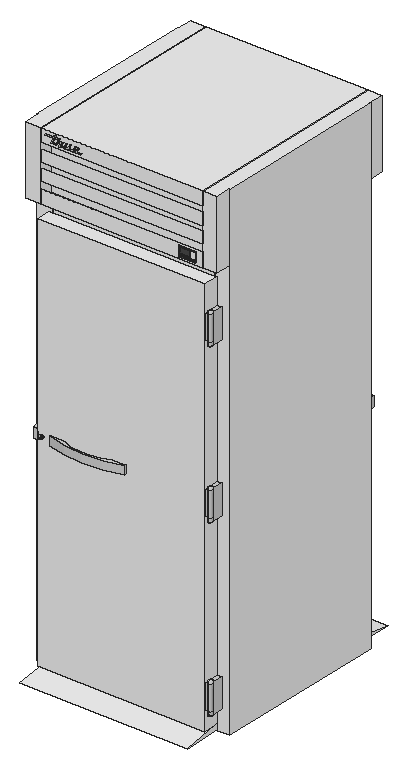
Revit family
Parameters
  Weight in Pounds = 0
  Watts = 2000 W
  Volts = 115 V
  URL Cutsheet = "www.truemfg.com"
  URL = "www.truemfg.com"
  Type Mark [instance] = ""
  Type Comments = ""
  Status [instance] = ""
  Specification by User [instance] = ""
  Specification by Manufacturer = ""
  Show Logo [instance] = yes
  Show Clearance [instance] = yes
  Serial Number = ""
  Seismic Rating = ""
  SMACNA No = ""
  Revision Code [instance] = ""
  Phase = 1
  Omniclass Number and Title = ""
  Number of Poles [instance] = 1
  NAFEM Spec ID Number = ""
  Model = "STR1HRT89-1S-1S"
  Min Ckt Ampacity = 0 A
  Max Overcurrent Protection = 0 A
  Masterspec = ""
  Manufacturer = "TRUE FOOD SERVICE EQUIPMENT, INC."
  Length = 35"
  Item Number [instance] = ""
  Installed By [instance] = ""
  Identify Quantity as Lot [instance] = yes
  Height = 88 3/4"
  HP = ""
  Furnished By [instance] = ""
  Foodservice Equipment Identifier [instance] = yes
  FL Amps = Watts / Volts  # 17.3913 A
  Electrical Remarks [instance] = ""
  Electric Connection Type [instance] = ""
  Elec Conn RI Height [instance] = 0"
  Elec Conn Connection Height [instance] = 0"
  Description = "Roll-thru Solid Swing Door Heated Cabinet"
  Depth = 37 1/2"
  Cycle = 60 Hz
  Conn Plug = "14-20P"
  Conn Conduit = yes
  CSI MasterFormat = ""
  CSI Master Format = ""
  Apparent Power = if(Phase = 3, Volts * FL Amps * 1.73, Volts * FL Amps)  # 2000 VA
Reference planes (in)
  plane 1 "BACK": y = 0
  plane 2: z = 0
  plane 3 "LEFT": x = 0
  plane 4 "RIGHT": x = 35
  plane 5 "FRONT": y = -37.5
  plane 6 "TOP": z = 88.75
  plane 7: x = 2.84375
  plane 8: y = -37.4542
  plane 9: x = 32.15625
  plane 10: y = -0.0458
  plane 11: y = -18.75
  plane 12: z = 73.75
Forms (in)
  Extrusion 1, solid, material "QF_Finishes_Chrome - Satin"
    sketch origin (0.05, 0, 0) x (1, 0, 0) y (0, 1, 0)
      loop
        line (-0.05, -2.75) -> (-0.05, -34.75) -> (2.87859, -34.75) -> (2.87859, -2.75) -> (-0.05, -2.75)
    from 0 to 88.75
  Extrusion 2, solid, material "QF_Finishes_Chrome - Satin"
    sketch origin (50.15, 0, 0) x (1, 0, 0) y (0, 1, 0)
      loop
        line (-17.85, -2.75) -> (-17.85, -34.75) -> (-15.15, -34.75) -> (-15.15, -2.75) -> (-17.85, -2.75)
    from 0 to 88.75
  Extrusion 3, solid, material "QF_Finishes_Chrome - Satin"
    sketch origin (0, 0, 0) x (0, 1, 0) y (0, 0, 1)
      loop
        line (-37.4542, 76.28125) -> (-34.75, 76.28125) -> (-34.75, 0) -> (-2.75, 0) -> (-2.75, 76.28125) -> (-0.0458, 76.28125) -> (-0.0458, 78.81726) -> (-2.25, 77.25) -> (-2.25, 78.52557) -> (-0.0458, 80.09284) -> (-0.0458, 82.18904) -> (-2.25, 80.62178) -> (-2.25, 81.58254) -> (-0.0458, 83.1498) -> (-0.0458, 85.28351) -> (-2.25, 83.71625) -> (-2.25, 84.83852) -> (-0.0458, 86.40578) -> (-0.0458, 88.75) -> (-37.4542, 88.75) -> (-37.4542, 86.40578) -> (-35.25, 84.83852) -> (-35.25, 83.71625) -> (-37.4542, 85.28351) -> (-37.4542, 83.1498) -> (-35.25, 81.58254) -> (-35.25, 80.62178) -> (-37.4542, 82.18904) -> (-37.4542, 80.09284) -> (-35.25, 78.52557) -> (-35.25, 77.25) -> (-37.4542, 78.81726) -> (-37.4542, 76.28125)
    from 2.92859 to 32.3
  Extrusion 4, solid, material "QF_Finishes_Chrome - Satin"
    sketch origin (0, 0, 0) x (1, 0, 0) y (0, 1, 0)
      loop
        line (34.84782, -34.75) -> (32.3, -34.75) -> (32.3, -37.5) -> (34.84782, -37.5) -> (34.84782, -34.75)
      loop
        line (34.84782, -2.75) -> (34.84782, 0) -> (32.3, 0) -> (32.3, -2.75) -> (34.84782, -2.75)
    from 76.28125 to 88.75
  Extrusion 5, solid, material "QF_Finishes_Chrome - Satin"
    sketch origin (-50.125, 0, 0.25) x (1, 0, 0) y (0, 1, 0)
      loop
        line (53.05359, -34.75) -> (50.24109, -34.75) -> (50.24109, -37.5) -> (53.05359, -37.5) -> (53.05359, -34.75)
      loop
        line (53.05359, -2.75) -> (53.05359, 0) -> (50.24109, 0) -> (50.24109, -2.75) -> (53.05359, -2.75)
    from 76.03125 to 88.5
  Extrusion 6, solid, material "QF_Finishes_Chrome - Satin"
    sketch origin (-24.96875, -3.75, -0.71875) x (1, 0, 0) y (0, 0, 1)
      loop
        line (27.25, 1.71875) -> (57.65625, 1.71875) -> (57.65625, 74.46875) -> (27.25, 74.46875) -> (27.25, 1.71875)
    from 31 to 33.75
  Extrusion 7, solid, material "QF_Finishes_Handrails and Railings"
    sketch origin (58.625, -0.25, 26.93519) x (1, 0, 0) y (0, 1, 0)
      loop
        line (-53.875, -37.25) -> (-53.875, -37.45)
        arc (-53.875, -37.45) -> (-47.075, -38.65633) -> (-40.275, -37.45) r 19.7687
        line (-40.275, -37.45) -> (-40.275, -37.25) -> (-42.675, -37.25)
        arc (-42.675, -37.25) -> (-47.075, -38.40816) -> (-51.475, -37.25) r 8.93713
        line (-51.475, -37.25) -> (-53.875, -37.25)
    from 10.87731 to 12.37731
  Extrusion 8, solid, material "QF_Finishes_Handrails and Railings"
    sketch origin (-23.375, -3.83467, -1.5) x (1, 0, 0) y (0, 0, 1)
      loop
        circle (26.4375, 40.0625) r 0.35
      loop
        line (26.47265, 40.33635) -> (26.41715, 40.33635) -> (26.41715, 39.76895) -> (26.47265, 39.76895) -> (26.47265, 40.33635)
    from 33.5 to 33.83066
  Extrusion 9, solid, material "QF_Finishes_Handrails and Railings", visible <- "Show Logo"
    sketch origin (0.33478, -2.68623, 5.01857) x (1, 0, 0) y (0, 0, 1)
      loop
        line (3.46044, 83.08731) -> (3.35478, 82.86073) -> (4.76027, 82.86073)
        arc (4.76027, 82.86073) -> (4.78879, 82.81028) -> (4.76027, 82.75984) r 0.05887
        line (4.76027, 82.75984) -> (4.39369, 81.97372)
        arc (4.39369, 81.97372) -> (4.39051, 81.90091) -> (4.43975, 81.84717) r 0.09523
        line (4.43975, 81.84717) -> (5.33844, 81.84717)
        arc (5.33844, 81.84717) -> (5.45192, 81.88295) -> (5.52436, 81.97735) r 0.19785
        line (5.52436, 81.97735) -> (5.81285, 82.59601) -> (6.0779, 82.59601)
        arc (6.0779, 82.59601) -> (6.14744, 82.57043) -> (6.13737, 82.49703) r 0.05911
        line (6.13737, 82.49703) -> (5.89598, 81.97937)
        arc (5.89598, 81.97937) -> (5.89974, 81.8934) -> (5.97231, 81.84717) r 0.09318
        line (5.97231, 81.84717) -> (6.76198, 81.84717)
        arc (6.76198, 81.84717) -> (6.82249, 81.86919) -> (6.85468, 81.92495) r 0.09412
        arc (6.85468, 81.92495) -> (6.87746, 81.86995) -> (6.93246, 81.84717) r 0.07778
        line (6.93246, 81.84717) -> (7.43246, 81.84717)
        arc (7.43246, 81.84717) -> (7.49022, 81.86265) -> (7.53251, 81.90493) r 0.11552
        arc (7.53251, 81.90493) -> (7.55275, 81.85606) -> (7.60162, 81.83581) r 0.06912
        line (7.60162, 81.83581) -> (8.31225, 81.83581)
        arc (8.31225, 81.83581) -> (8.37034, 81.85988) -> (8.39441, 81.91797) r 0.08216
        arc (8.39441, 81.91797) -> (8.44767, 81.86472) -> (8.52042, 81.84522) r 0.14551
        line (8.52042, 81.84522) -> (9.85158, 81.84522) -> (9.99946, 82.10134) -> (8.65678, 82.10134)
        arc (8.65678, 82.10134) -> (8.61972, 82.12704) -> (8.61834, 82.17211) r 0.05009
        line (8.61834, 82.17211) -> (8.64157, 82.22192)
        arc (8.64157, 82.22192) -> (8.67723, 82.26864) -> (8.73327, 82.28635) r 0.09747
        line (8.73327, 82.28635) -> (9.16485, 82.28635)
        arc (9.16485, 82.28635) -> (9.258, 82.31131) -> (9.32619, 82.3795) r 0.1863
        line (9.32619, 82.3795) -> (9.45119, 82.59601)
        arc (9.45119, 82.59601) -> (9.45119, 82.71157) -> (9.35111, 82.76934) r 0.11556
        line (9.35111, 82.76934) -> (8.89562, 82.76934)
        arc (8.89562, 82.76934) -> (8.7795, 82.74962) -> (8.69849, 82.66412) r 0.18605
        line (8.69849, 82.66412) -> (8.48204, 82.19993)
        arc (8.48204, 82.19993) -> (8.41815, 82.11667) -> (8.31806, 82.08511) r 0.1745
        line (8.31806, 82.08511) -> (7.84559, 82.08511)
        arc (7.84559, 82.08511) -> (7.78903, 82.14684) -> (7.79268, 82.23048) r 0.10939
        line (7.79268, 82.23048) -> (8.04395, 82.76934) -> (7.88403, 82.76934) -> (7.61781, 82.19844)
        arc (7.61781, 82.19844) -> (7.56609, 82.13103) -> (7.48505, 82.10548) r 0.14128
        line (7.48505, 82.10548) -> (7.15925, 82.10548)
        arc (7.15925, 82.10548) -> (7.10419, 82.17723) -> (7.116, 82.26689) r 0.11816
        line (7.116, 82.26689) -> (7.3503, 82.76934) -> (7.18514, 82.76934) -> (6.91546, 82.191)
        arc (6.91546, 82.191) -> (6.85285, 82.12839) -> (6.76733, 82.10548) r 0.17104
        line (6.76733, 82.10548) -> (6.29555, 82.10548)
        arc (6.29555, 82.10548) -> (6.21082, 82.14499) -> (6.20267, 82.23813) r 0.0935
        line (6.20267, 82.23813) -> (6.35774, 82.57069) -> (6.57695, 82.57069)
        arc (6.57695, 82.57069) -> (6.61395, 82.68217) -> (6.69267, 82.76934) r 0.2857
        line (6.69267, 82.76934) -> (5.83605, 82.76934)
        arc (5.83605, 82.76934) -> (5.74086, 82.74824) -> (5.67498, 82.67635) r 0.16212
        line (5.67498, 82.67635) -> (5.44279, 82.17841)
        arc (5.44279, 82.17841) -> (5.3894, 82.12502) -> (5.31647, 82.10548) r 0.14586
        line (5.31647, 82.10548) -> (4.80506, 82.10548)
        arc (4.80506, 82.10548) -> (4.76514, 82.15942) -> (4.77274, 82.22609) r 0.09155
        line (4.77274, 82.22609) -> (5.11018, 82.86073) -> (5.96155, 82.86073) -> (6.06721, 83.08731) -> (5.21584, 83.08731) -> (5.32149, 83.31388) -> (5.01862, 83.31388) -> (4.91297, 83.08731) -> (3.46044, 83.08731)
      loop
        arc (8.83805, 82.56363) -> (8.80119, 82.55375) -> (8.7742, 82.52676) r 0.07373
        line (8.7742, 82.52676) -> (8.75229, 82.45936)
        arc (8.75229, 82.45936) -> (8.76245, 82.43483) -> (8.78699, 82.42466) r 0.0347
        line (8.78699, 82.42466) -> (9.15948, 82.42466)
        arc (9.15948, 82.42466) -> (9.18632, 82.43061) -> (9.20812, 82.44734) r 0.0635
        line (9.20812, 82.44734) -> (9.22624, 82.53122)
        arc (9.22624, 82.53122) -> (9.22091, 82.55368) -> (9.20009, 82.56363) r 0.02676
        line (9.20009, 82.56363) -> (8.83805, 82.56363)
    from 34.76797 to 34.83173
  Extrusion 10, solid, material "QF_Finishes_White"
    sketch origin (-22.74812, -2.7042, -7.94372) x (1, 0, 0) y (0, 0, 1)
      loop
        line (50.81732, 86.35727) -> (50.81732, 84.60996) -> (53.72357, 84.60996) -> (53.72357, 86.35727) -> (50.81732, 86.35727)
    from 34.75 to 34.76797
  Extrusion 11, solid, material "QF_Finishes_Black"
    sketch origin (-22.74812, -2.7042, -7.94372) x (1, 0, 0) y (0, 0, 1)
      loop
        line (53.78607, 86.41977) -> (50.75482, 86.41977) -> (50.75482, 84.54746) -> (53.78607, 84.54746) -> (53.78607, 86.41977)
      loop
        spline (50.95482, 84.87872) -> (50.96333, 84.86254) -> (50.98831, 84.84747) -> (51.02804, 84.83452) -> (51.07982, 84.82459) -> (51.14011, 84.81835) -> (51.20482, 84.81622) -> (51.26952, 84.81835) -> (51.32982, 84.82459) -> (51.38159, 84.83452) -> (51.42132, 84.84747) -> (51.4463, 84.86254) -> (51.45482, 84.87872)
        spline (51.45482, 84.87872) -> (51.4463, 84.89489) -> (51.42132, 84.90997) -> (51.38159, 84.92291) -> (51.32982, 84.93284) -> (51.26952, 84.93909) -> (51.20482, 84.94122) -> (51.14011, 84.93909) -> (51.07982, 84.93284) -> (51.02804, 84.92291) -> (50.98831, 84.90997) -> (50.96333, 84.89489) -> (50.95482, 84.87872)
      loop
        spline (51.65083, 84.87872) -> (51.65935, 84.86254) -> (51.68432, 84.84747) -> (51.72405, 84.83452) -> (51.77583, 84.82459) -> (51.83612, 84.81835) -> (51.90083, 84.81622) -> (51.96553, 84.81835) -> (52.02583, 84.82459) -> (52.07761, 84.83452) -> (52.11734, 84.84747) -> (52.14231, 84.86254) -> (52.15083, 84.87872)
        spline (52.15083, 84.87872) -> (52.14231, 84.89489) -> (52.11734, 84.90997) -> (52.07761, 84.92291) -> (52.02583, 84.93284) -> (51.96553, 84.93909) -> (51.90083, 84.94122) -> (51.83612, 84.93909) -> (51.77583, 84.93284) -> (51.72405, 84.92291) -> (51.68432, 84.90997) -> (51.65935, 84.89489) -> (51.65083, 84.87872)
      loop
        spline (52.40083, 84.87872) -> (52.40935, 84.86254) -> (52.43432, 84.84747) -> (52.47405, 84.83452) -> (52.52583, 84.82459) -> (52.58612, 84.81835) -> (52.65083, 84.81622) -> (52.71553, 84.81835) -> (52.77583, 84.82459) -> (52.82761, 84.83452) -> (52.86734, 84.84747) -> (52.89231, 84.86254) -> (52.90083, 84.87872)
        spline (52.90083, 84.87872) -> (52.89231, 84.89489) -> (52.86734, 84.90997) -> (52.82761, 84.92291) -> (52.77583, 84.93284) -> (52.71553, 84.93909) -> (52.65083, 84.94122) -> (52.58612, 84.93909) -> (52.52583, 84.93284) -> (52.47405, 84.92291) -> (52.43432, 84.90997) -> (52.40935, 84.89489) -> (52.40083, 84.87872)
      loop
        line (50.95481, 86.21978) -> (50.95481, 85.21978) -> (52.65433, 85.21978) -> (52.65433, 86.21978) -> (50.95481, 86.21978)
      loop
        line (53.72357, 86.35727) -> (50.81732, 86.35727) -> (50.81732, 84.60996) -> (53.72357, 84.60996) -> (53.72357, 86.35727)
      loop
        spline (53.15083, 84.87872) -> (53.15935, 84.86254) -> (53.18432, 84.84747) -> (53.22405, 84.83452) -> (53.27583, 84.82459) -> (53.33612, 84.81835) -> (53.40083, 84.81622) -> (53.46553, 84.81835) -> (53.52583, 84.82459) -> (53.57761, 84.83452) -> (53.61734, 84.84747) -> (53.64231, 84.86254) -> (53.65083, 84.87872)
        spline (53.65083, 84.87872) -> (53.64231, 84.89489) -> (53.61734, 84.90997) -> (53.57761, 84.92291) -> (53.52583, 84.93284) -> (53.46553, 84.93909) -> (53.40083, 84.94122) -> (53.33612, 84.93909) -> (53.27583, 84.93284) -> (53.22405, 84.92291) -> (53.18432, 84.90997) -> (53.15935, 84.89489) -> (53.15083, 84.87872)
    from 34.76797 to 34.80335
  Extrusion 12, solid
    sketch origin (-25.125, 0, 0) x (1, 0, 0) y (0, 0, 1)
      loop
        circle (56.875, 86.625) r 0.25
    from 0 to 0.0625
  Blend 13, solid, material "QF_Finishes_Handrails and Railings"
    base sketch origin (27.53125, -3.75, 0.5) x (-1, 0, 0) y (0, 0, -1)
      loop
        line (25.25, -38.99169) -> (26, -38.99169) -> (26, -37.24169) -> (25.25, -37.24169) -> (25.25, -38.99169)
    top sketch origin (27.53125, 0, 0.5) x (-1, 0, 0) y (0, 0, -1)
      loop
        line (26.18223, -36.6441) -> (25.25, -36.6441) -> (25.25, -39.42643) -> (26.18223, -39.42643) -> (26.18223, -36.6441)
    from 33.57883 to 34.75
  Extrusion 14, solid, material "QF_Finishes_Handrails and Railings"
    sketch origin (33.78125, 0, 0) x (0, 1, 0) y (0, 0, -1)
      loop
        line (-34.75, -69.17729) -> (-34.75, -63.86127) -> (-37, -63.86127) -> (-37, -64.57348) -> (-36.56497, -64.57348) -> (-36.56497, -68.97276)
        arc (-36.56497, -68.97276) -> (-36.50506, -69.11738) -> (-36.36044, -69.17729) r 0.20453
        line (-36.36044, -69.17729) -> (-34.75, -69.17729)
    from 0.17506 to 1
  Revolve 15, solid, material "QF_Finishes_Handrails and Railings"
    sketch origin (33.28125, 0, 0) x (0, 1, 0) y (0, 0, -1)
      loop
        line (-37.01563, -64.62689) -> (-37.42229, -64.62689) -> (-37.42229, -69.0986)
        arc (-37.42229, -69.0986) -> (-37.28722, -69.35057) -> (-37.01563, -69.43983) r 0.3848
        line (-37.01563, -69.43983) -> (-37.01563, -64.62689)
      loop
        line (-37.01563, -64.57348) -> (-37.01563, -63.67281)
        arc (-37.01563, -63.67281) -> (-37.28264, -63.75883) -> (-37.42229, -64.00212) r 0.38884
        line (-37.42229, -64.00212) -> (-37.42229, -64.57348) -> (-37.01563, -64.57348)
      axis (-37.01563, -63.67281) -> (-37.01563, -69.43983)
    angle from 0 to 360
  Extrusion 16, solid, material "QF_Finishes_Handrails and Railings"
    sketch origin (27.5, -3.82734, 0.0011) x (-1, 0, 0) y (0, 0, -1)
      loop
        line (-5.58509, -69.0986) -> (-5.1875, -69.0986) -> (-5.1875, -64.62579) -> (-5.58509, -64.62579) -> (-5.58509, -69.0986)
    from 32.81497 to 33.59495
  Extrusion 17, solid, material "QF_Finishes_Handrails and Railings"
    sketch origin (33.78125, 0, -24) x (0, 1, 0) y (0, 0, -1)
      loop
        line (-34.75, -64.55229) -> (-34.75, -59.23627) -> (-37, -59.23627) -> (-37, -59.94848) -> (-36.56497, -59.94848) -> (-36.56497, -64.34776)
        arc (-36.56497, -64.34776) -> (-36.50506, -64.49238) -> (-36.36044, -64.55229) r 0.20453
        line (-36.36044, -64.55229) -> (-34.75, -64.55229)
    from 0.17506 to 1
  Revolve 18, solid, material "QF_Finishes_Handrails and Railings"
    sketch origin (33.28125, 0, -24) x (0, 1, 0) y (0, 0, -1)
      loop
        line (-37.01563, -60.00189) -> (-37.42229, -60.00189) -> (-37.42229, -64.4736)
        arc (-37.42229, -64.4736) -> (-37.28722, -64.72557) -> (-37.01563, -64.81483) r 0.3848
        line (-37.01563, -64.81483) -> (-37.01563, -60.00189)
      loop
        line (-37.01563, -59.94848) -> (-37.01563, -59.04781)
        arc (-37.01563, -59.04781) -> (-37.28264, -59.13383) -> (-37.42229, -59.37712) r 0.38884
        line (-37.42229, -59.37712) -> (-37.42229, -59.94848) -> (-37.01563, -59.94848)
      axis (-37.01563, -59.04781) -> (-37.01563, -64.81483)
    angle from 0 to 360
  Extrusion 19, solid, material "QF_Finishes_Handrails and Railings"
    sketch origin (27.5, -3.82734, -23.9989) x (-1, 0, 0) y (0, 0, -1)
      loop
        line (-5.58509, -64.4736) -> (-5.1875, -64.4736) -> (-5.1875, -60.00079) -> (-5.58509, -60.00079) -> (-5.58509, -64.4736)
    from 32.81497 to 33.59495
  Extrusion 20, solid, material "QF_Finishes_Handrails and Railings"
    sketch origin (33.78125, 0, -55.5) x (0, 1, 0) y (0, 0, -1)
      loop
        line (-34.75, -64.55229) -> (-34.75, -59.23627) -> (-37, -59.23627) -> (-37, -59.94848) -> (-36.56497, -59.94848) -> (-36.56497, -64.34776)
        arc (-36.56497, -64.34776) -> (-36.50506, -64.49238) -> (-36.36044, -64.55229) r 0.20453
        line (-36.36044, -64.55229) -> (-34.75, -64.55229)
    from 0.17506 to 1
  Revolve 21, solid, material "QF_Finishes_Handrails and Railings"
    sketch origin (33.28125, 0, -55.5) x (0, 1, 0) y (0, 0, -1)
      loop
        line (-37.01563, -60.00189) -> (-37.42229, -60.00189) -> (-37.42229, -64.4736)
        arc (-37.42229, -64.4736) -> (-37.28722, -64.72557) -> (-37.01563, -64.81483) r 0.3848
        line (-37.01563, -64.81483) -> (-37.01563, -60.00189)
      loop
        line (-37.01563, -59.94848) -> (-37.01563, -59.04781)
        arc (-37.01563, -59.04781) -> (-37.28264, -59.13383) -> (-37.42229, -59.37712) r 0.38884
        line (-37.42229, -59.37712) -> (-37.42229, -59.94848) -> (-37.01563, -59.94848)
      axis (-37.01563, -59.04781) -> (-37.01563, -64.81483)
    angle from 0 to 360
  Extrusion 22, solid, material "QF_Finishes_Handrails and Railings"
    sketch origin (27.5, -3.82734, -55.4989) x (-1, 0, 0) y (0, 0, -1)
      loop
        line (-5.58509, -64.4736) -> (-5.1875, -64.4736) -> (-5.1875, -60.00079) -> (-5.58509, -60.00079) -> (-5.58509, -64.4736)
    from 32.81497 to 33.59495
  Extrusion 23, solid, material "QF_Finishes_Door Clearance", visible <- "Show Clearance", detail levels coarse
    sketch origin (26.42841, -3.6098, 0) x (1, 0, 0) y (0, 1, 0)
      loop
        line (6.32159, -33.8902) -> (-24.14716, -33.8902)
        arc (-24.14716, -33.8902) -> (-15.22307, -55.43486) -> (6.32159, -64.35895) r 30.46875
        line (6.32159, -64.35895) -> (6.32159, -33.8902)
    from 1 to 73.75
  Extrusion 24, solid, material "QF_Finishes_Chrome - Satin"
    sketch origin (32.6875, -3.75, 1) x (0, 0, 1) y (0, -1, 0)
      loop
        line (-1, 37.6875) -> (-1, 31) -> (0, 31) -> (-1, 37.6875)
    from 0 to -30.40625
  Extrusion 25, solid, material "QF_Finishes_Chrome - Satin"
    sketch origin (59.96875, -33.75, -0.71875) x (-1, 0, 0) y (0, 0, 1)
      loop
        line (27.25, 1.71875) -> (57.65625, 1.71875) -> (57.65625, 74.46875) -> (27.25, 74.46875) -> (27.25, 1.71875)
    from 31 to 33.75
  Extrusion 26, solid, material "QF_Finishes_Handrails and Railings"
    sketch origin (-23.625, -37.25, 26.93519) x (-1, 0, 0) y (0, -1, 0)
      loop
        line (-53.875, -37.25) -> (-53.875, -37.45)
        arc (-53.875, -37.45) -> (-47.075, -38.65628) -> (-40.275, -37.45) r 19.76948
        line (-40.275, -37.45) -> (-40.275, -37.25) -> (-42.675, -37.25)
        arc (-42.675, -37.25) -> (-47.075, -38.40816) -> (-51.475, -37.25) r 8.93715
        line (-51.475, -37.25) -> (-53.875, -37.25)
    from 10.87731 to 12.37731
  Extrusion 27, solid, material "QF_Finishes_Handrails and Railings"
    sketch origin (58.375, -33.66533, -1.5) x (-1, 0, 0) y (0, 0, 1)
      loop
        circle (26.4375, 40.0625) r 0.35
      loop
        line (26.47265, 40.33635) -> (26.41715, 40.33635) -> (26.41715, 39.76895) -> (26.47265, 39.76895) -> (26.47265, 40.33635)
    from 33.5 to 33.83066
  Blend 28, solid, material "QF_Finishes_Handrails and Railings"
    base sketch origin (7.46875, -33.75, 0.5) x (1, 0, 0) y (0, 0, -1)
      loop
        line (25.25, -38.99169) -> (26, -38.99169) -> (26, -37.24169) -> (25.25, -37.24169) -> (25.25, -38.99169)
    top sketch origin (7.46875, -37.5, 0.5) x (1, 0, 0) y (0, 0, -1)
      loop
        line (26.18223, -36.6441) -> (25.25, -36.6441) -> (25.25, -39.42643) -> (26.18223, -39.42643) -> (26.18223, -36.6441)
    from 33.57883 to 34.75
  Extrusion 29, solid, material "QF_Finishes_Handrails and Railings"
    sketch origin (1.21875, -37.5, 0) x (0, -1, 0) y (0, 0, -1)
      loop
        line (-34.75, -69.17729) -> (-34.75, -63.86127) -> (-37, -63.86127) -> (-37, -64.57348) -> (-36.56497, -64.57348) -> (-36.56497, -68.97276)
        arc (-36.56497, -68.97276) -> (-36.50506, -69.11738) -> (-36.36044, -69.17729) r 0.20453
        line (-36.36044, -69.17729) -> (-34.75, -69.17729)
    from 0.17506 to 1
  Revolve 30, solid, material "QF_Finishes_Handrails and Railings"
    sketch origin (1.71875, -37.5, 0) x (0, -1, 0) y (0, 0, -1)
      loop
        line (-37.01563, -64.62689) -> (-37.42229, -64.62689) -> (-37.42229, -69.0986)
        arc (-37.42229, -69.0986) -> (-37.28722, -69.35057) -> (-37.01563, -69.43983) r 0.3848
        line (-37.01563, -69.43983) -> (-37.01563, -64.62689)
      loop
        line (-37.01563, -64.57348) -> (-37.01563, -63.67281)
        arc (-37.01563, -63.67281) -> (-37.28264, -63.75883) -> (-37.42229, -64.00212) r 0.38884
        line (-37.42229, -64.00212) -> (-37.42229, -64.57348) -> (-37.01563, -64.57348)
      axis (-37.01563, -63.67281) -> (-37.01563, -69.43983)
    angle from 0 to 360
  Extrusion 31, solid, material "QF_Finishes_Handrails and Railings"
    sketch origin (7.5, -33.67266, 0.0011) x (1, 0, 0) y (0, 0, -1)
      loop
        line (-5.58509, -69.0986) -> (-5.1875, -69.0986) -> (-5.1875, -64.62579) -> (-5.58509, -64.62579) -> (-5.58509, -69.0986)
    from 32.81497 to 33.59495
  Extrusion 32, solid, material "QF_Finishes_Handrails and Railings"
    sketch origin (1.21875, -37.5, -24) x (0, -1, 0) y (0, 0, -1)
      loop
        line (-34.75, -64.55229) -> (-34.75, -59.23627) -> (-37, -59.23627) -> (-37, -59.94848) -> (-36.56497, -59.94848) -> (-36.56497, -64.34776)
        arc (-36.56497, -64.34776) -> (-36.50506, -64.49238) -> (-36.36044, -64.55229) r 0.20453
        line (-36.36044, -64.55229) -> (-34.75, -64.55229)
    from 0.17506 to 1
  Revolve 33, solid, material "QF_Finishes_Handrails and Railings"
    sketch origin (1.71875, -37.5, -24) x (0, -1, 0) y (0, 0, -1)
      loop
        line (-37.01563, -60.00189) -> (-37.42229, -60.00189) -> (-37.42229, -64.4736)
        arc (-37.42229, -64.4736) -> (-37.28722, -64.72557) -> (-37.01563, -64.81483) r 0.3848
        line (-37.01563, -64.81483) -> (-37.01563, -60.00189)
      loop
        line (-37.01563, -59.94848) -> (-37.01563, -59.04781)
        arc (-37.01563, -59.04781) -> (-37.28264, -59.13383) -> (-37.42229, -59.37712) r 0.38884
        line (-37.42229, -59.37712) -> (-37.42229, -59.94848) -> (-37.01563, -59.94848)
      axis (-37.01563, -59.04781) -> (-37.01563, -64.81483)
    angle from 0 to 360
  Extrusion 34, solid, material "QF_Finishes_Handrails and Railings"
    sketch origin (7.5, -33.67266, -23.9989) x (1, 0, 0) y (0, 0, -1)
      loop
        line (-5.58509, -64.4736) -> (-5.1875, -64.4736) -> (-5.1875, -60.00079) -> (-5.58509, -60.00079) -> (-5.58509, -64.4736)
    from 32.81497 to 33.59495
  Extrusion 35, solid, material "QF_Finishes_Handrails and Railings"
    sketch origin (1.21875, -37.5, -55.5) x (0, -1, 0) y (0, 0, -1)
      loop
        line (-34.75, -64.55229) -> (-34.75, -59.23627) -> (-37, -59.23627) -> (-37, -59.94848) -> (-36.56497, -59.94848) -> (-36.56497, -64.34776)
        arc (-36.56497, -64.34776) -> (-36.50506, -64.49238) -> (-36.36044, -64.55229) r 0.20453
        line (-36.36044, -64.55229) -> (-34.75, -64.55229)
    from 0.17506 to 1
  Revolve 36, solid, material "QF_Finishes_Handrails and Railings"
    sketch origin (1.71875, -37.5, -55.5) x (0, -1, 0) y (0, 0, -1)
      loop
        line (-37.01563, -60.00189) -> (-37.42229, -60.00189) -> (-37.42229, -64.4736)
        arc (-37.42229, -64.4736) -> (-37.28722, -64.72557) -> (-37.01563, -64.81483) r 0.3848
        line (-37.01563, -64.81483) -> (-37.01563, -60.00189)
      loop
        line (-37.01563, -59.94848) -> (-37.01563, -59.04781)
        arc (-37.01563, -59.04781) -> (-37.28264, -59.13383) -> (-37.42229, -59.37712) r 0.38884
        line (-37.42229, -59.37712) -> (-37.42229, -59.94848) -> (-37.01563, -59.94848)
      axis (-37.01563, -59.04781) -> (-37.01563, -64.81483)
    angle from 0 to 360
  Extrusion 37, solid, material "QF_Finishes_Handrails and Railings"
    sketch origin (7.5, -33.67266, -55.4989) x (1, 0, 0) y (0, 0, -1)
      loop
        line (-5.58509, -64.4736) -> (-5.1875, -64.4736) -> (-5.1875, -60.00079) -> (-5.58509, -60.00079) -> (-5.58509, -64.4736)
    from 32.81497 to 33.59495
  Extrusion 38, solid, material "QF_Finishes_Door Clearance", visible <- "Show Clearance", detail levels coarse
    sketch origin (8.57159, -33.8902, 0) x (-1, 0, 0) y (0, -1, 0)
      loop
        line (6.32159, -33.8902) -> (-24.14716, -33.8902)
        arc (-24.14716, -33.8902) -> (-15.22307, -55.43486) -> (6.32159, -64.35895) r 30.46875
        line (6.32159, -64.35895) -> (6.32159, -33.8902)
    from 1 to 73.75
  Extrusion 39, solid, material "QF_Finishes_Chrome - Satin"
    sketch origin (2.3125, -33.75, 1) x (0, 0, 1) y (0, 1, 0)
      loop
        line (-1, 37.6875) -> (-1, 31) -> (0, 31) -> (-1, 37.6875)
    from 0 to -30.40625
Cuts and joins
  joined: Extrusion 1, Extrusion 2, Extrusion 4, Extrusion 5
Lines and regions (in)
  symbolic lines
    curve 1: line (0, 0, 0) -> (35, 0, 0)
    curve 2: line (0, -37.5, 0) -> (0, 0, 0)
    curve 3: line (35, -37.5, 0) -> (0, -37.5, 0)
    curve 4: line (35, 0, 0) -> (35, -37.5, 0)
    curve 5: line (35, -35.25, 0) -> (0, -35.25, 0)
    curve 6: arc (15.95746, -37.5, 0) -> (11.55746, -38.65816, 0) -> (7.15746, -37.5, 0) r 8.93715
    curve 7: line (4.75746, -37.5, 0) -> (4.75746, -37.70273, 0)
    curve 8: line (18.35746, -37.69726, 0) -> (18.35746, -37.5, 0)
    curve 13: line (16.65, 0.2, 0) -> (16.65, 0, 0)
    curve 14: line (30.25, 0, 0) -> (30.25, 0.2, 0)
    curve 15: arc (19.05, 0, 0) -> (23.45, 1.15816, 0) -> (27.85, 0, 0) r 8.93715
    curve 16: arc (4.75746, -37.70273, 0) -> (11.55795, -38.90633, 0) -> (18.35746, -37.69726, 0) r 19.7687
    curve 17: arc (30.25, 0.2, 0) -> (23.45, 1.40628, 0) -> (16.65, 0.2, 0) r 19.76948
    curve 18: line (35, -2.25, 0) -> (0, -2.25, 0)
  symbolic lines, style "QF-Door Swings", visible <- "Show Clearance", detail levels coarse
    curve 9: line (32.75, -37.5, 0) -> (32.75, -67.96875, 0)
    curve 10: arc (32.75, -67.96875, 0) -> (11.20534, -59.04466, 0) -> (2.28125, -37.5, 0) r 30.46875
    curve 11: line (2.25, 0, 0) -> (2.25, 30.46875, 0)
    curve 12: arc (2.25, 30.46875, 0) -> (23.79466, 21.54466, 0) -> (32.71875, 0, 0) r 30.46875
Dimensions and locks (in)
  "Depth": plane 5 "FRONT" to plane 1 "BACK"
  plane 6 "TOP" to level = 88 3/4"  (x2)
  Extrusion 6 sketch curve to Extrusion 6 sketch curve = 30 13/32"
  Extrusion 6 to plane 1 "BACK" = 37 1/2"
  "Length": plane 3 "LEFT" to plane 4 "RIGHT"
  plane 4 "RIGHT" to plane 3 "LEFT" = 35"
  plane 5 "FRONT" to plane 1 "BACK" = 37 1/2"
  Extrusion 25 sketch curve to Extrusion 25 sketch curve = 30 13/32"
  plane 12 to level = 73 3/4"
  aligned and locked: level to plane 2
Automatic sketch dimensions
  Extrusion 39 sketch curve to Extrusion 25 = 0"
  Extrusion 39 sketch curve to Extrusion 39 sketch curve = 1"
  Extrusion 39 sketch curve to Extrusion 25 = 3 15/16"
  Extrusion 1 sketch curve to plane 3 "LEFT" = 0"
  plane 1 "BACK" to Extrusion 1 sketch curve = 2 3/4"
  plane 7 to Extrusion 1 sketch curve = 0.08484"
  Extrusion 1 sketch curve to plane 5 "FRONT" = 2 3/4"
  plane 1 "BACK" to Extrusion 2 sketch curve = 2 3/4"
  Extrusion 2 sketch curve to plane 4 "RIGHT" = 0"
  Extrusion 2 sketch curve to plane 9 = 0.14375"
  Extrusion 2 sketch curve to plane 5 "FRONT" = 2 3/4"
  Extrusion 3 sketch curve to plane 8 = 0"  (x4)
  Extrusion 3 sketch curve to level = 0"
  Extrusion 3 sketch curve to plane 10 = 0"  (x4)
  Extrusion 3 sketch curve to plane 6 "TOP" = 0"
  plane 8 to Extrusion 3 sketch curve = 2.2042"
  Extrusion 3 sketch curve to Extrusion 3 sketch curve = 0"  (x3)
  plane 8 to Extrusion 3 sketch curve = 2.7042"
  Extrusion 3 sketch curve to Extrusion 3 sketch curve = 2.7042"
  plane 10 to Extrusion 3 sketch curve = 2.2042"
  Extrusion 3 sketch curve to Extrusion 3 sketch curve = 1/2"
  Extrusion 3 sketch curve to plane 6 "TOP" = 12 15/32"  (x2)
  Extrusion 3 sketch curve to Extrusion 3 sketch curve = 31/32"  (x2)
  Extrusion 3 sketch curve to Extrusion 3 sketch curve = 1.27557"  (x4)
  Extrusion 3 sketch curve to Extrusion 3 sketch curve = 0.29169"  (x2)
  Extrusion 3 sketch curve to Extrusion 3 sketch curve = 2.0962"  (x4)
  Extrusion 3 sketch curve to Extrusion 3 sketch curve = 0.96076"  (x4)
  Extrusion 3 sketch curve to Extrusion 3 sketch curve = 2.13371"  (x4)
  Extrusion 3 sketch curve to Extrusion 3 sketch curve = 1.12227"  (x4)
  Extrusion 6 sketch curve to plane 7 = 9/16"
  level to Extrusion 6 sketch curve = 1"
  Extrusion 6 sketch curve to plane 6 "TOP" = 15"
  plane 7 to Extrusion 8 sketch curve = 0.1984"
  plane 7 to Extrusion 8 sketch curve = 7/32"
  Extrusion 8 sketch curve to Extrusion 8 sketch curve = 0.0555"
  level to Extrusion 8 sketch curve = 38.26895"
  Extrusion 8 sketch curve to Extrusion 8 sketch curve = 0.29355"
  Extrusion 8 sketch curve to Extrusion 8 sketch curve = 0.27385"
  plane 7 to Extrusion 9 sketch curve = 0.84582"
  Extrusion 9 sketch curve to Extrusion 9 sketch curve = 0.10565"  (x5)
  Extrusion 9 sketch curve to Extrusion 9 sketch curve = 1.03891"
  Extrusion 9 sketch curve to Extrusion 9 sketch curve = 0.04606"
  Extrusion 9 sketch curve to Extrusion 9 sketch curve = 0.08631"
  Extrusion 9 sketch curve to Extrusion 9 sketch curve = 0.33624"
  Extrusion 9 sketch curve to Extrusion 9 sketch curve = 0.03034"  (x2)
  Extrusion 9 sketch curve to Extrusion 9 sketch curve = 0.29274"
  Extrusion 9 sketch curve to Extrusion 9 sketch curve = 0.03232"
  Extrusion 9 sketch curve to Extrusion 9 sketch curve = 0.04851"
  Extrusion 9 sketch curve to plane 6 "TOP" = 0.64412"
  Extrusion 9 sketch curve to Extrusion 9 sketch curve = 0.1527"
  Extrusion 9 sketch curve to plane 6 "TOP" = 0.41755"
  Extrusion 9 sketch curve to Extrusion 9 sketch curve = 0.19721"
  Extrusion 9 sketch curve to Extrusion 9 sketch curve = 0.4629"
  Extrusion 9 sketch curve to Extrusion 9 sketch curve = 0.02197"
  Extrusion 9 sketch curve to Extrusion 9 sketch curve = 0.12632"
  Extrusion 9 sketch curve to Extrusion 9 sketch curve = 0.18591"
  Extrusion 9 sketch curve to plane 6 "TOP" = 1.05508"
  Extrusion 9 sketch curve to Extrusion 9 sketch curve = 0.2322"
  Extrusion 9 sketch curve to Extrusion 9 sketch curve = 0.13786"
  Extrusion 9 sketch curve to Extrusion 9 sketch curve = 0.00907"
  Extrusion 9 sketch curve to Extrusion 9 sketch curve = 0.01413"
  Extrusion 9 sketch curve to Extrusion 9 sketch curve = 0.37162"
  Extrusion 9 sketch curve to plane 6 "TOP" = 0.8707"
  Extrusion 9 sketch curve to Extrusion 9 sketch curve = 0.12551"
  Extrusion 9 sketch curve to Extrusion 9 sketch curve = 0.07633"
  Extrusion 9 sketch curve to Extrusion 9 sketch curve = 0.08445"
  Extrusion 9 sketch curve to Extrusion 9 sketch curve = 0.25598"
  Extrusion 9 sketch curve to Extrusion 9 sketch curve = 0.01887"
  Extrusion 9 sketch curve to Extrusion 9 sketch curve = 0.04061"
  Extrusion 9 sketch curve to plane 6 "TOP" = 1.4933"
  Extrusion 9 sketch curve to Extrusion 9 sketch curve = 0.0653"
  Extrusion 9 sketch curve to Extrusion 9 sketch curve = 0.08474"
  Extrusion 9 sketch curve to Extrusion 9 sketch curve = 0.00815"
  Extrusion 9 sketch curve to Extrusion 9 sketch curve = 0.22037"
  Extrusion 9 sketch curve to Extrusion 9 sketch curve = 0.21921"
  Extrusion 9 sketch curve to Extrusion 9 sketch curve = 0.11572"
  Extrusion 9 sketch curve to Extrusion 9 sketch curve = 0.46643"
  Extrusion 9 sketch curve to Extrusion 9 sketch curve = 0.00535"
  Extrusion 9 sketch curve to Extrusion 9 sketch curve = 0.09269"
  Extrusion 9 sketch curve to Extrusion 9 sketch curve = 0.09348"
  Extrusion 9 sketch curve to Extrusion 9 sketch curve = 0.14812"
  Extrusion 9 sketch curve to Extrusion 9 sketch curve = 0.07778"
  Extrusion 9 sketch curve to Extrusion 9 sketch curve = 0.20054"
  Extrusion 9 sketch curve to Extrusion 9 sketch curve = 0.04325"
  Extrusion 9 sketch curve to plane 6 "TOP" = 0.96209"  (x2)
  Extrusion 9 sketch curve to Extrusion 9 sketch curve = 0.32433"
  Extrusion 9 sketch curve to Extrusion 9 sketch curve = 0.10233"  (x2)
  Extrusion 9 sketch curve to Extrusion 9 sketch curve = 0.16515"
  Extrusion 9 sketch curve to Extrusion 9 sketch curve = 0.27321"
  Extrusion 9 sketch curve to Extrusion 9 sketch curve = 0.0526"
  Extrusion 9 sketch curve to Extrusion 9 sketch curve = 0.10005"
  Extrusion 9 sketch curve to Extrusion 9 sketch curve = 0.06912"
  Extrusion 9 sketch curve to Extrusion 9 sketch curve = 0.13276"
  Extrusion 9 sketch curve to plane 6 "TOP" = 1.50095"
  Extrusion 9 sketch curve to Extrusion 9 sketch curve = 0.17486"
  Extrusion 9 sketch curve to Extrusion 9 sketch curve = 0.05291"
  Extrusion 9 sketch curve to Extrusion 9 sketch curve = 0.53374"
  Extrusion 9 sketch curve to Extrusion 9 sketch curve = 0.09914"
  Extrusion 9 sketch curve to Extrusion 9 sketch curve = 0.15992"
  Extrusion 9 sketch curve to Extrusion 9 sketch curve = 0.46666"
  Extrusion 9 sketch curve to Extrusion 9 sketch curve = 0.00582"
  Extrusion 9 sketch curve to Extrusion 9 sketch curve = 0.08216"
  Extrusion 9 sketch curve to Extrusion 9 sketch curve = 0.16397"
  Extrusion 9 sketch curve to Extrusion 9 sketch curve = 0.12601"
  Extrusion 9 sketch curve to plane 6 "TOP" = 1.55932"
  Extrusion 9 sketch curve to Extrusion 9 sketch curve = 0.1363"
  Extrusion 9 sketch curve to plane 6 "TOP" = 1.50951"
  Extrusion 9 sketch curve to Extrusion 9 sketch curve = 0.02323"
  Extrusion 9 sketch curve to Extrusion 9 sketch curve = 0.03844"
  Extrusion 9 sketch curve to Extrusion 9 sketch curve = 0.0454"
  Extrusion 9 sketch curve to Extrusion 9 sketch curve = 0.05693"
  Extrusion 9 sketch curve to Extrusion 9 sketch curve = 0.0917"
  Extrusion 9 sketch curve to Extrusion 9 sketch curve = 0.01902"
  Extrusion 9 sketch curve to Extrusion 9 sketch curve = 0.02191"
  Extrusion 9 sketch curve to Extrusion 9 sketch curve = 0.0347"
  Extrusion 9 sketch curve to Extrusion 9 sketch curve = 0.06385"
  Extrusion 9 sketch curve to Extrusion 9 sketch curve = 0.02906"
  Extrusion 9 sketch curve to Extrusion 9 sketch curve = 0.02851"
  Extrusion 9 sketch curve to Extrusion 9 sketch curve = 0.29237"
  Extrusion 9 sketch curve to Extrusion 9 sketch curve = 0.00537"
  Extrusion 9 sketch curve to Extrusion 9 sketch curve = 0.0406"
  Extrusion 9 sketch curve to plane 6 "TOP" = 1.28409"
  Extrusion 9 sketch curve to Extrusion 9 sketch curve = 0.04327"
  Extrusion 9 sketch curve to Extrusion 9 sketch curve = 0.02615"
  Extrusion 9 sketch curve to plane 6 "TOP" = 1.35193"
  Extrusion 9 sketch curve to Extrusion 9 sketch curve = 0.11806"
  Extrusion 9 sketch curve to Extrusion 9 sketch curve = 0.15103"
  Extrusion 9 sketch curve to Extrusion 9 sketch curve = 0.10007"
  Extrusion 9 sketch curve to Extrusion 9 sketch curve = 0.5254"
  Extrusion 9 sketch curve to plane 6 "TOP" = 1.63009"
  Extrusion 9 sketch curve to Extrusion 9 sketch curve = 0.14787"
  Extrusion 9 sketch curve to Extrusion 9 sketch curve = 0.14537"
  Extrusion 9 sketch curve to Extrusion 9 sketch curve = 0.63134"
  Extrusion 9 sketch curve to Extrusion 9 sketch curve = 0.11061"
  Extrusion 9 sketch curve to Extrusion 9 sketch curve = 0.25876"
  Extrusion 9 sketch curve to Extrusion 9 sketch curve = 0.06767"
  Extrusion 9 sketch curve to Extrusion 9 sketch curve = 0.12655"
  Extrusion 9 sketch curve to Extrusion 9 sketch curve = 0.12242"
  Extrusion 9 sketch curve to Extrusion 9 sketch curve = 0.29684"
  Extrusion 9 sketch curve to Extrusion 9 sketch curve = 0.03938"
  Extrusion 9 sketch curve to Extrusion 9 sketch curve = 0.06046"
  Extrusion 9 sketch curve to Extrusion 9 sketch curve = 0.13266"
  Extrusion 9 sketch curve to Extrusion 9 sketch curve = 0.14279"
  Extrusion 9 sketch curve to Extrusion 9 sketch curve = 0.07293"
  Extrusion 9 sketch curve to Extrusion 9 sketch curve = 0.07764"
  Extrusion 9 sketch curve to Extrusion 9 sketch curve = 0.03794"
  Extrusion 9 sketch curve to Extrusion 9 sketch curve = 0.08552"
  Extrusion 9 sketch curve to Extrusion 9 sketch curve = 0.09296"
  Extrusion 9 sketch curve to Extrusion 9 sketch curve = 0.02781"
  Extrusion 9 sketch curve to Extrusion 9 sketch curve = 0.04799"
  Extrusion 9 sketch curve to Extrusion 9 sketch curve = 0.03054"
  Extrusion 9 sketch curve to Extrusion 9 sketch curve = 0.2589"
  Extrusion 9 sketch curve to Extrusion 9 sketch curve = 0.0674"
  Extrusion 9 sketch curve to Extrusion 9 sketch curve = 0.0324"
  Extrusion 9 sketch curve to Extrusion 9 sketch curve = 0.26185"
  Extrusion 9 sketch curve to Extrusion 9 sketch curve = 11/256"
  Extrusion 9 sketch curve to Extrusion 9 sketch curve = 0.07366"
  Extrusion 9 sketch curve to Extrusion 9 sketch curve = 0.02187"
  Extrusion 9 sketch curve to Extrusion 9 sketch curve = 0.06479"
  Extrusion 9 sketch curve to Extrusion 9 sketch curve = 0.05778"
  Extrusion 9 sketch curve to Extrusion 9 sketch curve = 0.32747"
  Extrusion 9 sketch curve to Extrusion 9 sketch curve = 0.05045"
  Extrusion 9 sketch curve to Extrusion 9 sketch curve = 29/128"
  plane 9 to Extrusion 10 sketch curve = 4.08705"
  plane 9 to Extrusion 10 sketch curve = 1.1808"
  Extrusion 10 sketch curve to plane 6 "TOP" = 12.08376"
  Extrusion 10 sketch curve to Extrusion 10 sketch curve = 1.74732"
  plane 9 to Extrusion 11 sketch curve = 4.14955"
  Extrusion 11 sketch curve to Extrusion 11 sketch curve = 1/16"  (x4)
  Extrusion 11 sketch curve to Extrusion 11 sketch curve = 0.1375"  (x3)
  Extrusion 11 sketch curve to Extrusion 11 sketch curve = 1/4"  (x4)
  Extrusion 11 sketch curve to Extrusion 11 sketch curve = 0.44601"
  Extrusion 11 sketch curve to Extrusion 11 sketch curve = 1/2"  (x2)
  Extrusion 11 sketch curve to Extrusion 11 sketch curve = 0.0035"
  Extrusion 11 sketch curve to Extrusion 11 sketch curve = 1.06923"
  Extrusion 11 sketch curve to plane 6 "TOP" = 12.14626"
  Extrusion 11 sketch curve to Extrusion 11 sketch curve = 0.26876"  (x2)
  Extrusion 11 sketch curve to Extrusion 11 sketch curve = 0"  (x2)
  Extrusion 11 sketch curve to Extrusion 11 sketch curve = 0.34106"
  Extrusion 11 sketch curve to Extrusion 11 sketch curve = 1"
  plane 9 to Extrusion 12 sketch curve = 13/32"
  Extrusion 12 sketch curve to plane 6 "TOP" = 2 1/8"
  Blend 13 sketch curve to plane 7 = 9/16"
  Blend 13 sketch curve to Blend 13 sketch curve = 3/4"
  level to Blend 13 sketch curve = 39.49169"
  Blend 13 sketch curve to Blend 13 sketch curve = 1 3/4"
  plane 7 to Blend 13 sketch curve = 9/16"
  Blend 13 sketch curve to Blend 13 sketch curve = 0.93223"
  Blend 13 sketch curve to level = 37.1441"
  Blend 13 sketch curve to Blend 13 sketch curve = 2.78233"
  Extrusion 14 sketch curve to plane 5 "FRONT" = 1/2"
  Extrusion 14 sketch curve to Extrusion 14 sketch curve = 0.43503"
  Extrusion 14 sketch curve to Extrusion 14 sketch curve = 0.20453"
  Extrusion 14 sketch curve to Extrusion 14 sketch curve = 1.61044"
  Extrusion 14 sketch curve to plane 6 "TOP" = 19.57271"
  Extrusion 14 sketch curve to Extrusion 14 sketch curve = 4.39928"
  Extrusion 14 sketch curve to Extrusion 14 sketch curve = 0.71221"
  Revolve 15 sketch curve to plane 5 "FRONT" = 0.07771"  (x2)
  Revolve 15 sketch curve to Revolve 15 sketch curve = 0.38242"
  Revolve 15 sketch curve to Revolve 15 sketch curve = 0.38436"
  Revolve 15 sketch curve to plane 5 "FRONT" = 31/64"
  Revolve 15 sketch curve to Revolve 15 sketch curve = 0.40666"
  Revolve 15 sketch curve to Revolve 15 sketch curve = 0"
  Revolve 15 sketch curve to plane 6 "TOP" = 18.75492"
  Revolve 15 sketch curve to Revolve 15 sketch curve = 0.55526"
  Revolve 15 sketch curve to Revolve 15 sketch curve = 0.19474"
  Revolve 15 sketch curve to Revolve 15 sketch curve = 0.14649"
  Revolve 15 sketch curve to Revolve 15 sketch curve = 4.42889"
  Revolve 15 sketch curve to Revolve 15 sketch curve = 0.05342"
  Revolve 15 sketch curve to Revolve 15 sketch curve = 0.51246"
  Revolve 15 sketch curve to Revolve 15 sketch curve = 0.05889"
  Extrusion 16 sketch curve to plane 9 = 0.92884"
  Extrusion 16 sketch curve to Extrusion 16 sketch curve = 0.39759"
  Extrusion 16 sketch curve to plane 6 "TOP" = 19.6503"
  Extrusion 16 sketch curve to Extrusion 16 sketch curve = 4.47281"
  Extrusion 17 sketch curve to plane 5 "FRONT" = 1/2"
  Extrusion 17 sketch curve to Extrusion 17 sketch curve = 0.43503"
  Extrusion 17 sketch curve to Extrusion 17 sketch curve = 0.20453"
  Extrusion 17 sketch curve to Extrusion 17 sketch curve = 1.61044"
  level to Extrusion 17 sketch curve = 40.55229"
  Extrusion 17 sketch curve to Extrusion 17 sketch curve = 4.39928"
  Extrusion 17 sketch curve to Extrusion 17 sketch curve = 0.71221"
  Revolve 18 sketch curve to plane 5 "FRONT" = 0.07771"  (x2)
  Revolve 18 sketch curve to Revolve 18 sketch curve = 0.38242"
  Revolve 18 sketch curve to Revolve 18 sketch curve = 0.38436"
  Revolve 18 sketch curve to plane 5 "FRONT" = 31/64"
  Revolve 18 sketch curve to Revolve 18 sketch curve = 0.40666"
  Revolve 18 sketch curve to Revolve 18 sketch curve = 0"
  level to Revolve 18 sketch curve = 41.37008"
  Revolve 18 sketch curve to Revolve 18 sketch curve = 0.55526"
  Revolve 18 sketch curve to Revolve 18 sketch curve = 0.19474"
  Revolve 18 sketch curve to Revolve 18 sketch curve = 0.14649"
  Revolve 18 sketch curve to Revolve 18 sketch curve = 4.42889"
  Revolve 18 sketch curve to Revolve 18 sketch curve = 0.05342"
  Revolve 18 sketch curve to Revolve 18 sketch curve = 0.51246"
  Revolve 18 sketch curve to Revolve 18 sketch curve = 0.05889"
  Extrusion 19 sketch curve to plane 9 = 0.92884"
  Extrusion 19 sketch curve to Extrusion 19 sketch curve = 0.39759"
  level to Extrusion 19 sketch curve = 40.4747"
  Extrusion 19 sketch curve to Extrusion 19 sketch curve = 4.47281"
  Extrusion 20 sketch curve to plane 5 "FRONT" = 1/2"
  Extrusion 20 sketch curve to Extrusion 20 sketch curve = 0.43503"
  Extrusion 20 sketch curve to Extrusion 20 sketch curve = 0.20453"
  Extrusion 20 sketch curve to Extrusion 20 sketch curve = 1.61044"
  level to Extrusion 20 sketch curve = 9.05229"
  Extrusion 20 sketch curve to Extrusion 20 sketch curve = 4.39928"
  Extrusion 20 sketch curve to Extrusion 20 sketch curve = 0.71221"
  Revolve 21 sketch curve to plane 5 "FRONT" = 0.07771"  (x2)
  Revolve 21 sketch curve to Revolve 21 sketch curve = 0.38242"
  Revolve 21 sketch curve to Revolve 21 sketch curve = 0.38436"
  Revolve 21 sketch curve to plane 5 "FRONT" = 31/64"
  Revolve 21 sketch curve to Revolve 21 sketch curve = 0.40666"
  Revolve 21 sketch curve to Revolve 21 sketch curve = 0"
  level to Revolve 21 sketch curve = 9.87008"
  Revolve 21 sketch curve to Revolve 21 sketch curve = 0.55526"
  Revolve 21 sketch curve to Revolve 21 sketch curve = 0.19474"
  Revolve 21 sketch curve to Revolve 21 sketch curve = 0.14649"
  Revolve 21 sketch curve to Revolve 21 sketch curve = 4.42889"
  Revolve 21 sketch curve to Revolve 21 sketch curve = 0.05342"
  Revolve 21 sketch curve to Revolve 21 sketch curve = 0.51246"
  Revolve 21 sketch curve to Revolve 21 sketch curve = 0.05889"
  Extrusion 22 sketch curve to plane 9 = 0.92884"
  Extrusion 22 sketch curve to Extrusion 22 sketch curve = 0.39759"
  level to Extrusion 22 sketch curve = 8.9747"
  Extrusion 22 sketch curve to Extrusion 22 sketch curve = 4.47281"
  plane 5 "FRONT" to Extrusion 23 sketch curve = 0"
  Extrusion 23 sketch curve to plane 7 = 9/16"
  Extrusion 23 sketch curve to plane 9 = 19/32"
  Extrusion 24 sketch curve to Extrusion 6 = 0"
  Extrusion 6 to Extrusion 24 sketch curve = 0"
  Extrusion 6 to Extrusion 24 sketch curve = 1"
  Extrusion 24 sketch curve to Extrusion 6 = 3 15/16"
  Extrusion 25 sketch curve to plane 9 = 9/16"
  level to Extrusion 25 sketch curve = 1"
  Extrusion 25 sketch curve to plane 6 "TOP" = 15"
  plane 9 to Extrusion 27 sketch curve = 0.1984"
  plane 9 to Extrusion 27 sketch curve = 7/32"
  Extrusion 27 sketch curve to Extrusion 27 sketch curve = 0.0555"
  level to Extrusion 27 sketch curve = 38.26895"
  Extrusion 27 sketch curve to Extrusion 27 sketch curve = 0.29355"
  Extrusion 27 sketch curve to Extrusion 27 sketch curve = 0.27385"
  Blend 28 sketch curve to plane 9 = 9/16"  (x2)
  Blend 28 sketch curve to Blend 28 sketch curve = 3/4"
  level to Blend 28 sketch curve = 39.49169"
  Blend 28 sketch curve to Blend 28 sketch curve = 1 3/4"
  Blend 28 sketch curve to Blend 28 sketch curve = 0.93223"
  level to Blend 28 sketch curve = 39.92643"
  Blend 28 sketch curve to Blend 28 sketch curve = 2.78233"
  plane 1 "BACK" to Extrusion 29 sketch curve = 1/2"
  Extrusion 29 sketch curve to Extrusion 29 sketch curve = 0.43503"
  Extrusion 29 sketch curve to Extrusion 29 sketch curve = 0.20453"
  Extrusion 29 sketch curve to Extrusion 29 sketch curve = 1.61044"
  Extrusion 29 sketch curve to plane 6 "TOP" = 19.57271"
  Extrusion 29 sketch curve to Extrusion 29 sketch curve = 4.39928"
  Extrusion 29 sketch curve to Extrusion 29 sketch curve = 0.71221"
  plane 1 "BACK" to Revolve 30 sketch curve = 0.07771"  (x2)
  Revolve 30 sketch curve to Revolve 30 sketch curve = 0.38242"
  Revolve 30 sketch curve to Revolve 30 sketch curve = 0.38436"
  plane 1 "BACK" to Revolve 30 sketch curve = 31/64"
  Revolve 30 sketch curve to Revolve 30 sketch curve = 0.40666"
  Revolve 30 sketch curve to Revolve 30 sketch curve = 0"
  Revolve 30 sketch curve to plane 6 "TOP" = 18.75492"
  Revolve 30 sketch curve to Revolve 30 sketch curve = 0.55526"
  Revolve 30 sketch curve to Revolve 30 sketch curve = 0.19474"
  Revolve 30 sketch curve to Revolve 30 sketch curve = 0.14649"
  Revolve 30 sketch curve to Revolve 30 sketch curve = 4.42889"
  Revolve 30 sketch curve to Revolve 30 sketch curve = 0.05342"
  Revolve 30 sketch curve to Revolve 30 sketch curve = 0.51246"
  Revolve 30 sketch curve to Revolve 30 sketch curve = 0.05889"
  Extrusion 31 sketch curve to plane 7 = 0.92884"
  Extrusion 31 sketch curve to Extrusion 31 sketch curve = 0.39759"
  Extrusion 31 sketch curve to plane 6 "TOP" = 19.6503"
  Extrusion 31 sketch curve to Extrusion 31 sketch curve = 4.47281"
  plane 1 "BACK" to Extrusion 32 sketch curve = 1/2"
  Extrusion 32 sketch curve to Extrusion 32 sketch curve = 0.43503"
  Extrusion 32 sketch curve to Extrusion 32 sketch curve = 0.20453"
  Extrusion 32 sketch curve to Extrusion 32 sketch curve = 1.61044"
  level to Extrusion 32 sketch curve = 40.55229"
  Extrusion 32 sketch curve to Extrusion 32 sketch curve = 4.39928"
  Extrusion 32 sketch curve to Extrusion 32 sketch curve = 0.71221"
  plane 1 "BACK" to Revolve 33 sketch curve = 0.07771"  (x2)
  Revolve 33 sketch curve to Revolve 33 sketch curve = 0.38242"
  Revolve 33 sketch curve to Revolve 33 sketch curve = 0.38436"
  plane 1 "BACK" to Revolve 33 sketch curve = 31/64"
  Revolve 33 sketch curve to Revolve 33 sketch curve = 0.40666"
  Revolve 33 sketch curve to Revolve 33 sketch curve = 0"
  level to Revolve 33 sketch curve = 41.37008"
  Revolve 33 sketch curve to Revolve 33 sketch curve = 0.55526"
  Revolve 33 sketch curve to Revolve 33 sketch curve = 0.19474"
  Revolve 33 sketch curve to Revolve 33 sketch curve = 0.14649"
  Revolve 33 sketch curve to Revolve 33 sketch curve = 4.42889"
  Revolve 33 sketch curve to Revolve 33 sketch curve = 0.05342"
  Revolve 33 sketch curve to Revolve 33 sketch curve = 0.51246"
  Revolve 33 sketch curve to Revolve 33 sketch curve = 0.05889"
  Extrusion 34 sketch curve to plane 7 = 0.92884"
  Extrusion 34 sketch curve to Extrusion 34 sketch curve = 0.39759"
  level to Extrusion 34 sketch curve = 40.4747"
  Extrusion 34 sketch curve to Extrusion 34 sketch curve = 4.47281"
  plane 1 "BACK" to Extrusion 35 sketch curve = 1/2"
  Extrusion 35 sketch curve to Extrusion 35 sketch curve = 0.43503"
  Extrusion 35 sketch curve to Extrusion 35 sketch curve = 0.20453"
  Extrusion 35 sketch curve to Extrusion 35 sketch curve = 1.61044"
  level to Extrusion 35 sketch curve = 9.05229"
  Extrusion 35 sketch curve to Extrusion 35 sketch curve = 4.39928"
  Extrusion 35 sketch curve to Extrusion 35 sketch curve = 0.71221"
  plane 1 "BACK" to Revolve 36 sketch curve = 0.07771"  (x2)
  Revolve 36 sketch curve to Revolve 36 sketch curve = 0.38242"
  Revolve 36 sketch curve to Revolve 36 sketch curve = 0.38436"
  plane 1 "BACK" to Revolve 36 sketch curve = 31/64"
  Revolve 36 sketch curve to Revolve 36 sketch curve = 0.40666"
  Revolve 36 sketch curve to Revolve 36 sketch curve = 0"
  level to Revolve 36 sketch curve = 9.87008"
  Revolve 36 sketch curve to Revolve 36 sketch curve = 0.55526"
  Revolve 36 sketch curve to Revolve 36 sketch curve = 0.19474"
  Revolve 36 sketch curve to Revolve 36 sketch curve = 0.14649"
  Revolve 36 sketch curve to Revolve 36 sketch curve = 4.42889"
  Revolve 36 sketch curve to Revolve 36 sketch curve = 0.05342"
  Revolve 36 sketch curve to Revolve 36 sketch curve = 0.51246"
  Revolve 36 sketch curve to Revolve 36 sketch curve = 0.05889"
  Extrusion 37 sketch curve to plane 7 = 0.92884"
  Extrusion 37 sketch curve to Extrusion 37 sketch curve = 0.39759"
  level to Extrusion 37 sketch curve = 8.9747"
  Extrusion 37 sketch curve to Extrusion 37 sketch curve = 4.47281"
  plane 1 "BACK" to Extrusion 38 sketch curve = 0"
  Extrusion 38 sketch curve to plane 9 = 9/16"
  Extrusion 38 sketch curve to plane 7 = 19/32"
  Extrusion 25 to Extrusion 39 sketch curve = 0"
  plane 1 "BACK" to Extrusion 4 sketch curve = 0"
  plane 5 "FRONT" to Extrusion 4 sketch curve = 0"
  Extrusion 4 sketch curve to plane 9 = 0.14375"  (x2)
  Extrusion 4 sketch curve to plane 4 "RIGHT" = 0.15218"  (x2)
  Extrusion 4 sketch curve to plane 5 "FRONT" = 2 3/4"
  plane 1 "BACK" to Extrusion 4 sketch curve = 2 3/4"
  plane 1 "BACK" to Extrusion 5 sketch curve = 0"
  plane 5 "FRONT" to Extrusion 5 sketch curve = 0"
  plane 3 "LEFT" to Extrusion 5 sketch curve = 0.11609"  (x2)
  plane 7 to Extrusion 5 sketch curve = 0.08484"  (x2)
  Extrusion 5 sketch curve to plane 5 "FRONT" = 2 3/4"
  plane 1 "BACK" to Extrusion 5 sketch curve = 2 3/4"
  plane 5 "FRONT" to Extrusion 7 sketch curve = 0"  (x2)
  plane 7 to Extrusion 7 sketch curve = 1 29/32"
  Extrusion 7 sketch curve to Extrusion 7 sketch curve = 2.4"  (x2)
  plane 7 to Extrusion 7 sketch curve = 8.70625"  (x2)
  Extrusion 7 sketch curve to plane 11 = 0.38764"
  Extrusion 7 sketch curve to Extrusion 7 sketch curve = 0.2"
  Extrusion 7 sketch curve to plane 5 "FRONT" = 7.77897"
  Extrusion 26 sketch curve to plane 1 "BACK" = 0"  (x2)
  plane 9 to Extrusion 26 sketch curve = 1 29/32"
  Extrusion 26 sketch curve to Extrusion 26 sketch curve = 2.4"  (x2)
  plane 9 to Extrusion 26 sketch curve = 8.70625"  (x2)
  plane 11 to Extrusion 26 sketch curve = 0.3868"
  Extrusion 26 sketch curve to Extrusion 26 sketch curve = 0.2"
  plane 1 "BACK" to Extrusion 26 sketch curve = 7.77899"
  plane 1 "BACK" to curve 1 = 0"
  curve 1 to plane 3 "LEFT" = 0"
  plane 5 "FRONT" to curve 10 = 0"
  curve 4 to plane 4 "RIGHT" = 0"
  curve 12 to plane 7 = 19/32"
  curve 10 to plane 7 = 9/16"
  plane 5 "FRONT" to curve 7 = 0.20273"
  plane 7 to curve 7 = 1.91371"
  curve 7 to curve 6 = 2.4"
  curve 16 to plane 11 = 0.38764"
  plane 7 to curve 16 = 8.70625"
  plane 7 to curve 6 = 8.71371"
  plane 7 to curve 13 = 13.80625"
  plane 5 "FRONT" to curve 16 = 0.19726"
  curve 13 to curve 15 = 2.4"
  plane 9 to curve 15 = 8.70625"
  plane 11 to curve 17 = 0.3868"
  plane 9 to curve 17 = 8.70625"
  plane 9 to curve 14 = 1 29/32"
  curve 12 to plane 9 = 9/16"
  curve 9 to plane 9 = 19/32"
  curve 5 to plane 5 "FRONT" = 2 1/4"
  curve 6 to plane 5 "FRONT" = 7.77899"
  plane 1 "BACK" to curve 15 = 7.77899"
  curve 18 to curve 1 = 2 1/4"
  curve 14 to plane 1 "BACK" = 0.2"
  radius of Extrusion 8 sketch curve = 0.35"
  radius of Extrusion 12 sketch curve = 1/4"
  radius of Extrusion 27 sketch curve = 0.35"
Connectors (in)
  electrical at (31.75, -0.0625, 86.625), driven by "Volts", driven by "Watts"
    settings: on Extrusion 12, index 1, voltage 115 V, apparent load 2000 VA, apparent load phase1 0 VA, apparent load phase2 0 VA, apparent load phase3 0 VA, power factor 1, load classification "Other", number of poles 1, system type 30, power factor state 1, is connector primary yes, connector utility no, sub classification motor no, connector description "Electrical Connection"
